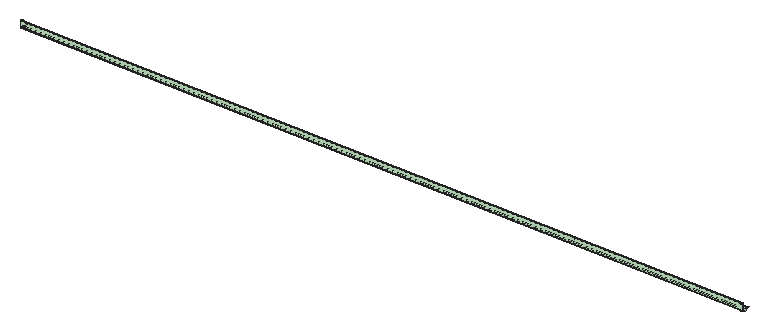
Revit family "AXLL3032", category 機械設備, Revit 2020
Family settings
  丸型コネクタ寸法 = 直径を使用
  種別 = なし
  パーツ タイプ = 標準
  作業面ベース = いいえ
  常に垂直 = はい
  ロード時にボイドで切り取り = いいえ
  共有 = いいえ
  部屋計算ポイント = いいえ
Parameters
  製造元 = "株式会社桐井製作所"
  既定の高さ = 0 mm
  URL = "https://www.kirii.co.jp/"
  K_材質 = "カラー鋼板"
  K_品名 = "AXLL3032"
  K_名称 = "システム天井見切り"
  K_入数 = "20"
  K_バージョン情報 = "20220411"
Reference planes
  plane 1 "中心(正面/背面)": y = 0
  plane 2: z = 0
  plane 3 "中心(左/右)": x = 0
  plane 4: x = 3200
Forms (mm)
  Extrusion 1, solid
    sketch origin (0, 0, 0) x (0, 1, 0) y (0, 0, 1)
      loop
        line (2.741, 27.331) -> (3, 28.082) -> (2.239, 29.4)
        arc (2.239, 29.4) -> (0.889, 29.959) -> (0, 28.8) r 1.2
        line (0, 28.8) -> (0, 1.2)
        arc (0, 1.2) -> (0.351, 0.351) -> (1.2, 0) r 1.2
        line (1.2, 0) -> (14.4, 0)
        arc (14.4, 0) -> (14.824, -0.176) -> (15, -0.6) r 0.6
        line (15, -0.6) -> (15, -5.8)
        arc (15, -5.8) -> (15.555, -6.812) -> (16.707, -6.888) r 1.2
        line (16.707, -6.888) -> (31.307, -0.079)
        arc (31.307, -0.079) -> (31.99, 1.165) -> (31.008, 2.19) r 1.2
        line (31.008, 2.19) -> (29.249, 2.5) -> (28.632, 2) -> (30.904, 1.599)
        arc (30.904, 1.599) -> (31.395, 1.086) -> (31.054, 0.464) r 0.6
        line (31.054, 0.464) -> (16.454, -6.344)
        arc (16.454, -6.344) -> (15.878, -6.306) -> (15.6, -5.8) r 0.6
        line (15.6, -5.8) -> (15.6, -0.6)
        arc (15.6, -0.6) -> (15.249, 0.249) -> (14.4, 0.6) r 1.2
        line (14.4, 0.6) -> (1.2, 0.6)
        arc (1.2, 0.6) -> (0.776, 0.776) -> (0.6, 1.2) r 0.6
        line (0.6, 1.2) -> (0.6, 28.8)
        arc (0.6, 28.8) -> (1.045, 29.38) -> (1.72, 29.1) r 0.6
        line (1.72, 29.1) -> (2.741, 27.331)
    from 0 to 3200
Dimensions and locks
  plane 4 to plane 3 "中心(左/右)" = 3200 mm
  aligned and locked: level to plane 2
  aligned and locked: plane 4 to Extrusion 1
